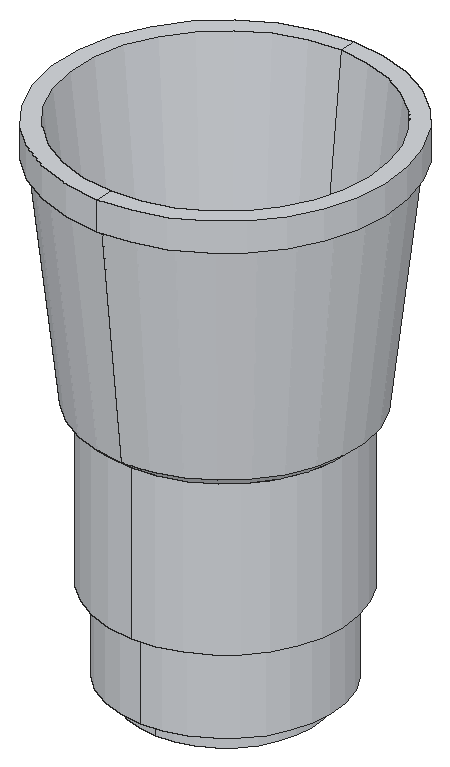
Revit family "F1790", category Plumbing Fixtures, host Face, Revit 2018
Family settings
  Host = Face
  Round Connector Dimension = Use Radius
  Part Type = Normal
  Cut with Voids When Loaded = No
  Shared = No
  Room Calculation Point = No
Parameters (values of type "F1790 -Ø4"")
  WFU = 0
  URL = "WWW.MIFAB.COM"
  Pipe Radius = Pipe Diameter / 2  # 0' - 2"
  Pipe Diameter = 0' - 4"
  Model = "F1790"
  Manufacturer = "MIFAB"
  Floor Drain Material = Paint - Sherwin Williams Paint - #952C2A - Bellwood Red
  Description = "INDIRECT WASTE FUNNEL WITH BACKWATER VALVE"
  Default Elevation = 0' - 0"
  CWFU = 0
  Assembly Code = ""
Types (5): name | Pipe Radius | Pipe Diameter
  (no name) | 0' - 2" | 0' - 4"
  F1790 -Ø2" | 0' - 1" | 0' - 2"
  F1790 -Ø3" | 0' - 1 1/2" | 0' - 3"
  F1790 -Ø4" | 0' - 2" | 0' - 4"
  F1790 -Ø6" | 0' - 3" | 0' - 6"
Reference planes (in)
  plane 1 "Center (Front/Back)": y = 0
  plane 2: z = 0
  plane 3 "Center (Left/Right)": x = 0
  plane 4: y = -2
  plane 5: y = 2
  plane 6: x = -2.5
  plane 7: x = 2.5
  plane 8: y = 3.375
  plane 9: y = -3.375
  plane 10: y = -2.46828
  plane 11: y = -2.21642
  plane 12: z = -10.375
Forms (in)
  Revolve 1, solid
    sketch origin (0, 451.41208, -576.10345) x (0, 1, 0) y (0, 0, 1)
      loop
        line (-454.78708, 576.10345) -> (-454.78708, 575.49898) -> (-454.66115, 575.49898) -> (-454.12642, 570.86465) -> (-453.88037, 570.65827) -> (-453.88037, 567.43786) -> (-453.6285, 567.3889) -> (-453.6285, 565.72845) -> (-453.41208, 565.72845) -> (-453.41208, 570.55121) -> (-453.82999, 570.86465) -> (-454.43447, 576.10345) -> (-454.78708, 576.10345)
      axis (-451.41208, 565.72845) -> (-451.41208, 576.10345)
    angle from 0 to 360
  Revolve 2, solid
    sketch origin (0, 451.41208, -568.66179) x (0, 1, 0) y (0, 0, 1)
      loop
        line (-452.69081, 559.59462) -> (-451.61358, 559.59462) -> (-451.61358, 559.19164) -> (-451.43223, 559.19164) -> (-451.43223, 559.69537) -> (-452.72132, 559.69537) -> (-452.97711, 559.52484) -> (-452.97711, 558.93781) -> (-453.22898, 558.78865) -> (-453.22898, 557.88194) -> (-453.12823, 557.88194) -> (-453.12823, 558.73123) -> (-452.87637, 558.88038) -> (-452.87637, 559.47092) -> (-452.69081, 559.59462)
      loop
        line (-453.06212, 560.03791) -> (-453.41208, 560.03791) -> (-453.41208, 559.03044) -> (-453.06212, 559.03044) -> (-453.06212, 560.03791)
      axis (-451.41208, 557.88194) -> (-451.41208, 560.03791)
    angle from 0 to 360
Lines and regions (in)
  model lines, not visible
    curve 1: line (6.7156, 0, 9.07611) -> (12.5156, 0, 9.07611)
    curve 2: line (12.5156, 0, 9.07611) -> (12.5156, 0, 10.82611)
    curve 3: line (12.5156, 0, 10.82611) -> (6.7156, 0, 10.82611)
    curve 4: line (6.7156, 0, 10.82611) -> (6.7156, 0, 9.07611)
    curve 5: line (7.13163, 0, 10.86539) -> (7.13163, 0, 12.86539)
    curve 6: line (7.13163, 0, 12.86539) -> (15.53163, 0, 12.86539)
    curve 7: line (15.53163, 0, 12.86539) -> (15.53163, 0, 10.86539)
    curve 8: line (11.33163, 0, 12.86539) -> (11.33163, 0, 12.36539)
    curve 9: line (0, 28.52778, -10.8585) -> (0, 28.52778, -8.6085)
    curve 10: line (0, 28.52778, -8.6085) -> (0, 21.02778, -8.6085)
    curve 11: line (0, 21.02778, -8.6085) -> (0, 21.02778, -10.8585)
    curve 12: line (0, 24.77778, -8.6085) -> (0, 24.77778, -9.1085)
    curve 13: line (13.30546, 0, 10.44272) -> (13.30546, 0, 12.69272)
    curve 14: line (13.30546, 0, 12.69272) -> (26.80546, 0, 12.69272)
    curve 15: line (26.80546, 0, 12.69272) -> (26.80546, 0, 10.44272)
    curve 16: line (20.05546, 0, 12.69272) -> (20.05546, 0, 13.19272)
    curve 17: line (0, -528.7289, 568.94714) -> (0, -528.7289, 570.44714)
    curve 18: line (0, -528.7289, 570.44714) -> (0, -535.4789, 570.44714)
    curve 19: line (0, -535.4789, 570.44714) -> (0, -535.4789, 568.94714)
    curve 20: line (0, -532.1039, 570.44714) -> (0, -532.1039, 572.44714)
Dimensions and locks (in)
  equal spacing: plane 5, plane 1 "Center (Front/Back)", plane 4
  "Pipe Diameter": plane 5 to plane 4
  plane 1 "Center (Front/Back)" to plane 4 = 0' - 2"
  equal spacing: plane 8, plane 1 "Center (Front/Back)", plane 9
  plane 8 to plane 9 = 0' - 6 3/4"
  plane 4 to plane 11 to plane 10 = 0' - 0.21642" locked, 0' - 0.25187" locked
  Revolve 2 sketch curve to Revolve 2 sketch curve to Revolve 2 sketch curve to Revolve 2 sketch curve to Revolve 2 sketch curve to plane 4 = 0' - 0.10075" locked, 0' - 0.085" locked, 0' - 0.06612" locked, 0' - 0.10075" locked, 0' - 0.1831" locked
  level to plane 12 = 0' - 10 3/8"
  aligned and locked: plane 2 to host face
  aligned and locked: level to host face
  aligned and locked: plane 4 to Revolve 1 sketch curve
  aligned and locked: Revolve 1 sketch curve to plane 11
  aligned and locked: Revolve 1 sketch curve to plane 10
  aligned and locked: plane 9 to Revolve 1 sketch curve
  aligned and locked: plane 4 to Revolve 2 sketch curve
  aligned and locked: plane 12 to Revolve 1 sketch curve
Automatic sketch dimensions
  curve 5 to curve 7 = 0' - 8.4"
  curve 5 to curve 8 = 0' - 4.2"
  curve 5 to curve 5 = 0' - 2"
  curve 7 to curve 6 = 0' - 2"
  curve 8 to curve 8 = 0' - 0 1/2"
  host sketch curve to host sketch curve = 8' - 0"  (x2)
  Revolve 1 sketch curve to Revolve 1 sketch curve = 0' - 0.12593"
  Revolve 1 sketch curve to Revolve 1 sketch curve = 0' - 0.35261"
  Revolve 1 sketch curve to Revolve 1 sketch curve = 0' - 0.24605"
  Revolve 1 sketch curve to Revolve 1 sketch curve = 0' - 0.05037"
  Revolve 1 sketch curve to Revolve 1 sketch curve = 0' - 1.66045"
  Revolve 1 sketch curve to Revolve 1 sketch curve = 0' - 0.04896"
  Revolve 1 sketch curve to Revolve 1 sketch curve = 0' - 3.11336"
  Revolve 1 sketch curve to Revolve 1 sketch curve = 0' - 0.10706"
  Revolve 1 sketch curve to Revolve 1 sketch curve = 0' - 0.20638"
  Revolve 1 sketch curve to Revolve 1 sketch curve = 0' - 0"
  Revolve 1 sketch curve to Revolve 1 sketch curve = 0' - 4.63433"
  Revolve 1 sketch curve to Revolve 1 sketch curve = 0' - 0.60448"
  Revolve 1 sketch curve to Revolve 1 sketch curve = 0' - 3.02239"
  Revolve 1 sketch curve to Revolve 1 sketch curve = 0' - 3.47556"
  Revolve 1 sketch curve to Revolve 1 sketch curve = 1' - 7"
  Revolve 2 sketch curve to plane 1 "Center (Front/Back)" = 0' - 0"
  Revolve 2 sketch curve to Revolve 2 sketch curve = 0' - 0.15505"
  Revolve 2 sketch curve to Revolve 2 sketch curve = 0' - 0.0305"
  plane 1 "Center (Front/Back)" to Revolve 2 sketch curve = 0' - 0.20149"
  plane 1 "Center (Front/Back)" to Revolve 2 sketch curve = 0' - 0.02015"
  Revolve 2 sketch curve to level = 0' - 10.77985"
  Revolve 2 sketch curve to Revolve 2 sketch curve = 0' - 0.84929"
  Revolve 2 sketch curve to Revolve 2 sketch curve = 0' - 0.05743"  (x2)
  Revolve 2 sketch curve to Revolve 2 sketch curve = 0' - 0.14915"
  Revolve 2 sketch curve to Revolve 2 sketch curve = 0' - 0.24179"
  Revolve 2 sketch curve to Revolve 2 sketch curve = 0' - 0.31126"
  Revolve 2 sketch curve to Revolve 2 sketch curve = 0' - 0.27928"
  Revolve 2 sketch curve to Revolve 2 sketch curve = 0' - 0.05392"
  Revolve 2 sketch curve to Revolve 2 sketch curve = 0' - 0.1237"
  Revolve 2 sketch curve to Revolve 2 sketch curve = 0' - 0.10075"
  Revolve 2 sketch curve to Revolve 2 sketch curve = 0' - 0.34254"
  Revolve 2 sketch curve to Revolve 2 sketch curve = 0' - 0.22003"
  Revolve 2 sketch curve to Revolve 2 sketch curve = 0' - 0.04863"
Connectors (in)
  piping at (0, 0, -10.375), diameter 4, driven by "Pipe Radius"
    settings: on Revolve 1, index 1, connector inside diameter 24", connector length 0' - 0", flow factor 0, pipe flow 0 GPM, pressure drop 0.00 psi, fitting loss kfactor 0, connector angle 0.00°, fixture units 0, engagement length 0' - 0", angle of deflection 0.00°, flow configuration 0, flow direction 0, fitting loss method 0, system type 7, joint type 0, gender type 0, connector reference index -1, connector utility 0, adjustable connector no, is connector primary yes, connector description ""
